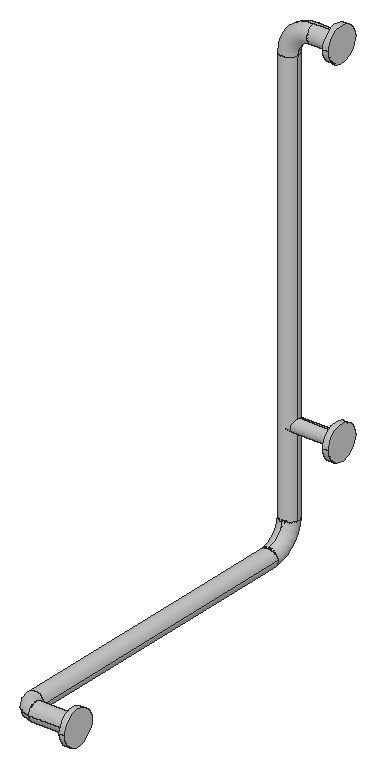
Revit family "Barra Angular GS326186I-GS326186D", category Generic Models, Revit 2014
Parameters (values of type "GS326186I")
  MODELO = "BARRA ANGULAR"
  MATERIAL = Stainless Steel
  MARCA = "WASSER"
  LARGO = 610 mm
  EMPRESA = "CHC COMERCIAL HISPANO CHILENA"
  DIMENSIONES = ""
  CÓDIGO = "GS326186I-GS326186D"
  ALTO [instance] = 860 mm
  ACCESORIO = "BARRA"
Types (3, lengths in mm): name | MODELO | MARCA | EMPRESA | CÓDIGO | ACCESORIO
  (no name) | "BARRA ANGULAR" | "WASSER" | "CHC COMERCIAL HISPANO CHILENA" | "GS326186I-GS326186D" | "BARRA"
  GS326186D | "" | "" | "" | "" | ""
  GS326186I | "BARRA ANGULAR" | "WASSER" | "CHC COMERCIAL HISPANO CHILENA" | "GS326186I-GS326186D" | "BARRA"
Reference planes
  plane 1 "Center (Front/Back)": y = 0
  plane 2: z = 0
  plane 3 "Center (Left/Right)": x = 0
  plane 4: z = 860
  plane 5: y = -610
  plane 6: x = 95
  plane 7: x = 85
Forms (mm)
  Sweep 1, solid, material "Stainless Steel" <- "MATERIAL"
    path origin (0, -10, -1448.022) x (0, 1, 0) y (0, 0, 1)
      loop
        arc (0, 1506.106) -> (-14.685, 1474.654) -> (-46.15, 1460) r 50.744
    profile origin (0, -24.685, 26.632) x (0, 0.706764, -0.707449) y (1, 0, 0)
      loop
        circle (0, 0) r 16
  Sweep 2, solid, material "Stainless Steel" <- "MATERIAL"
    path origin (0, 0, 0) x (1, 0, 0) y (0, 1, 0)
      loop
        line (0, -55.108) -> (0, -580.049)
        arc (0, -580.049) -> (5.809, -594.298) -> (19.661, -601) r 21.47
        line (19.661, -601) -> (85, -601)
    profile origin (0, -317.579, 0) x (1, 0, 0) y (0, 0, 1)
      loop
        circle (0, 12) r 16
  Sweep 3, solid, material "Stainless Steel" <- "MATERIAL"
    path origin (0, 0, 0) x (1, 0, 0) y (0, 0, 1)
      loop
        line (0, 57.03) -> (0, 805)
        arc (0, 805) -> (13.18, 836.82) -> (45, 850) r 45
        line (45, 850) -> (85, 850)
    profile origin (0, 0, 431.015) x (-1, 0, 0) y (0, -1, 0)
      loop
        circle (0, 9.993) r 16
  Extrusion 4, solid, material "Stainless Steel" <- "MATERIAL"
    sketch origin (0, 0, 0) x (0, 1, 0) y (0, 0, 1)
      loop
        circle (-10.519, 850.527) r 30
      loop
        circle (-601.371, 11.707) r 30
      loop
        circle (-10.519, 210.527) r 30
    from 85 to 95
  Sweep 5, solid, material "Stainless Steel" <- "MATERIAL"
    path origin (0, 0, 0) x (1, 0, 0) y (0, 0, 1)
      loop
        line (85, 210.527) -> (0, 210.527)
    profile origin (42.5, 0, 210.527) x (0, 0, -1) y (0, -1, 0)
      loop
        circle (0, 10) r 12
Dimensions and locks
  locked: plane 4 to level at 860
  "LARGO": plane 1 "Center (Front/Back)" to plane 5
  "LARGO": plane 5 to plane 1 "Center (Front/Back)"
  "ALTO": plane 4 to plane 2
  aligned and locked: level to plane 2
  aligned and locked: Extrusion 4 to plane 6
  aligned and locked: Extrusion 4 to plane 7
Automatic sketch dimensions
  plane 1 "Center (Front/Back)" to Sweep 1 sketch curve = 60.549 mm
  level to Sweep 1 sketch curve = 62.531 mm
  level to Sweep 1 sketch curve = 11.978 mm
  Sweep 1 sketch curve to Sweep 1 sketch curve = 4.398 mm
  plane 1 "Center (Front/Back)" to Sweep 1 sketch curve = 10 mm
  Sweep 1 sketch curve to plane 3 "Center (Left/Right)" = 0 mm
  Sweep 1 sketch curve to profile plane = 0 mm
  profile plane to Sweep 2 sketch curve = 0 mm
  level to Sweep 2 sketch curve = 12 mm
  Sweep 3 sketch curve to profile plane = 0 mm
  plane 1 "Center (Front/Back)" to Sweep 3 sketch curve = 9.993 mm
  Sweep 2 sketch curve to plane 3 "Center (Left/Right)" = 0 mm
  plane 5 to Sweep 2 sketch curve = 9 mm
  plane 3 "Center (Left/Right)" to Sweep 2 sketch curve = 19.661 mm
  plane 5 to Sweep 2 sketch curve = 30.394 mm
  plane 3 "Center (Left/Right)" to Sweep 2 sketch curve = 21.465 mm
  Sweep 2 sketch curve to Sweep 2 sketch curve = 65.339 mm
  plane 1 "Center (Front/Back)" to Sweep 2 sketch curve = 55.108 mm
  Sweep 3 sketch curve to plane 3 "Center (Left/Right)" = 0 mm
  Sweep 3 sketch curve to plane 4 = 10 mm
  Sweep 3 sketch curve to Sweep 3 sketch curve = 45 mm
  Sweep 3 sketch curve to Sweep 3 sketch curve = 40 mm
  level to Sweep 3 sketch curve = 57.03 mm
  plane 5 to Extrusion 4 sketch curve = 8.629 mm
  plane 1 "Center (Front/Back)" to Extrusion 4 sketch curve = 10.519 mm  (x2)
  level to Extrusion 4 sketch curve = 11.707 mm
  level to Extrusion 4 sketch curve = 210.527 mm
  Extrusion 4 sketch curve to plane 4 = 9.473 mm
  Sweep 5 sketch curve to plane 3 "Center (Left/Right)" = 0 mm
  plane 7 to Sweep 5 sketch curve = 0 mm
  level to Sweep 5 sketch curve = 210.527 mm
  plane 1 "Center (Front/Back)" to Sweep 5 sketch curve = 10 mm
  Sweep 5 sketch curve to profile plane = 0 mm
  radius of Sweep 1 sketch curve = 16 mm
  radius of Sweep 2 sketch curve = 16 mm
  radius of Sweep 3 sketch curve = 16 mm
  radius of Extrusion 4 sketch curve = 30 mm  (x3)
  radius of Sweep 5 sketch curve = 12 mm
